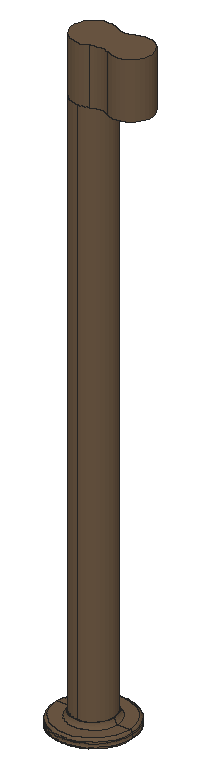
Revit family "LeL Intono B", category Lighting Fixtures, Revit 2021
Family settings
  Round Connector Dimension = Use Diameter
  Part Type = Normal
  OmniClass Number = 23.80.70.00
  OmniClass Title = Lighting
  Work Plane-Based = Yes
  Always vertical = No
  Cut with Voids When Loaded = No
  Light Source = No
  Shared = No
  Room Calculation Point = No
Parameters (values of type "1.2 D 9W")
  Wattage = 9 W  # constant formula
  URL = "https://www.lucelight.it/en/prodotto.php/195635"
  Rated Power supply = 230 V  # constant formula
  Photometry = NB1 Light source : D 9W
  Model = "NB12"
  Manufacturer = "L&L Luce&Light srl"  # constant formula
  Lumen Output = 331 lm
  Lamp = "LED"
  IP = "IP66"  # constant formula
  IK = "IK06"  # constant formula
  Height = 800 mm
  Description = "Outdoor Bollard"  # constant formula
  Default Elevation = 1219.2 mm
  Finish [instance] = LeL Cor-ten
  CRI = "CRI80"  # constant formula
  CCT = 3000 K  # constant formula
  Apparent Load = Wattage  # 9 VA
Types (7, lengths in mm): name | URL | Photometry | Model | Lumen Output | Height
  (no name) | "https://www.lucelight.it/en/prodotto.php/195635" | NB1 Light source : D 9W | "NB12" | 331 lm | 800
  1.0 A 9W | "https://www.lucelight.it/en/prodotto.php/195633" | NB1 Light source : A 9W | "NB10" | 307 lm | 300
  1.1 A 9W | "https://www.lucelight.it/en/prodotto.php/195634" | NB1 Light source : A 9W | "NB11" | 307 lm | 600
  1.2 A 9W | "https://www.lucelight.it/en/prodotto.php/195635" | NB1 Light source : A 9W | "NB12" | 307 lm | 800
  1.0 D 9W | "https://www.lucelight.it/en/prodotto.php/195633" | NB1 Light source : D 9W | "NB10" | 331 lm | 300
  1.1 D 9W | "https://www.lucelight.it/en/prodotto.php/195634" | NB1 Light source : D 9W | "NB11" | 331 lm | 600
  1.2 D 9W | "https://www.lucelight.it/en/prodotto.php/195635" | NB1 Light source : D 9W | "NB12" | 331 lm | 800
Reference planes
  plane 1 "Asse sorgente illuminazione (F/B)": y = 0
  plane 2: z = 0
  plane 3 "Asse sorgente illuminazione (L/R)": x = 0
  plane 4 "Prospetto sorgente di illuminazione": z = 1000
  plane 5: z = 728
  plane 6: z = 733
  plane 7: z = 800
Forms (mm)
  Extrusion 1, solid, material "LeL Cor-ten" <- "Finish", detail levels medium+fine
    sketch origin (0, 0, 0) x (1, 0, 0) y (0, 1, 0)
      loop
        arc (12.848, 22.253) -> (-25.696, 0) -> (12.848, -22.253) r 25.696
        arc (12.848, -22.253) -> (24.309, -19.183) -> (35.769, -22.253) r 22.921
        arc (35.769, -22.253) -> (74.313, 0) -> (35.769, 22.253) r 25.696
        arc (35.769, 22.253) -> (24.309, 19.183) -> (12.848, 22.253) r 22.921
    from 728 to 800
  Extrusion 2, solid, material "LeL Light emitting surface", detail levels medium+fine
    sketch origin (0, 0, 0) x (1, 0, 0) y (0, 1, 0)
      loop
        circle (47.886, 0) r 22
    from 728 to 733
  Revolve 3, solid, material "LeL Cor-ten" <- "Finish", detail levels medium+fine
    sketch origin (0, 0, 0) x (1, 0, 0) y (0, 0, 1)
      loop
        line (-30.933, 10.3) -> (-46.816, 10.3)
        arc (-46.816, 10.3) -> (-48.786, 9.016) -> (-49.996, 7) r 5.237
        line (-49.996, 7) -> (-49.996, 5.101)
        arc (-49.996, 5.101) -> (-49.536, 2.97) -> (-49.994, 0.838) r 5.173
        line (-49.994, 0.838) -> (-49.994, 0) -> (0, 0) -> (0, 17.025) -> (-27.109, 17.025)
        arc (-27.109, 17.025) -> (-28.26, 13.23) -> (-30.933, 10.3) r 8.985
      axis (0, 17.025) -> (0, 0)
    angle from 0 to 360
  Extrusion 4, solid, material "LeL Cor-ten" <- "Finish", detail levels medium+fine
    sketch origin (0, 0, 0) x (1, 0, 0) y (0, 1, 0)
      loop
        circle (0, 0) r 25.696
    from 17.025 to 728
  Extrusion 5, void
    sketch origin (0, 0, 0) x (1, 0, 0) y (0, 1, 0)
      loop
        circle (47.886, 0) r 22
    from 228 to 733
  Extrusion 6, solid, material "LeL Cor-ten" <- "Finish", detail levels coarse
    sketch origin (0, 0, 0) x (1, 0, 0) y (0, 1, 0)
      loop
        circle (0, 0.004) r 49.996
    from 0 to 17.025
  Extrusion 7, solid, material "LeL Cor-ten" <- "Finish", detail levels coarse
    sketch origin (0, 0, 0) x (1, 0, 0) y (0, 1, 0)
      loop
        circle (0, 0.004) r 25.696
    from 17.025 to 728
  Extrusion 8, solid, material "LeL Cor-ten" <- "Finish", detail levels coarse
    sketch origin (0, 0, 0) x (1, 0, 0) y (0, 1, 0)
      loop
        arc (0, 25.696) -> (-25.696, 0) -> (0, -25.696) r 25.696
        line (0, -25.696) -> (48.617, -25.696)
        arc (48.617, -25.696) -> (74.313, 0) -> (48.617, 25.696) r 25.696
        line (48.617, 25.696) -> (0, 25.696)
    from 728 to 800
Cuts and joins
  Extrusion 5 cuts Revolve 3
  Extrusion 5 cuts Extrusion 1
Dimensions and locks
  plane 7 to plane 5 = 72 mm
  plane 6 to plane 5 = 5 mm
  "Height": plane 7 to plane 2
  aligned and locked: level to plane 2
  aligned and locked: Extrusion 8 to plane 5
  aligned and locked: plane 7 to Extrusion 8
  aligned and locked: plane 7 to cut or joined group of Extrusion 1, Extrusion 5
  aligned and locked: plane 6 to cut or joined group of Extrusion 1, Extrusion 5
  aligned and locked: plane 6 to Extrusion 2
  aligned and locked: cut or joined group of Extrusion 1, Extrusion 5 to plane 5
  aligned and locked: Extrusion 2 to plane 5
  aligned and locked: plane 5 to Extrusion 4
  aligned and locked: plane 5 to Extrusion 7
Automatic sketch dimensions
  plane 1 "Asse sorgente illuminazione (F/B)" to Extrusion 1 sketch curve = 0 mm  (x2)
  Extrusion 1 sketch curve to plane 3 "Asse sorgente illuminazione (L/R)" = 0 mm
  plane 3 "Asse sorgente illuminazione (L/R)" to Extrusion 1 sketch curve = 24.309 mm  (x2)
  Extrusion 1 sketch curve to Extrusion 1 sketch curve = 24.309 mm
  plane 1 "Asse sorgente illuminazione (F/B)" to Extrusion 1 sketch curve = 42.104 mm
  Extrusion 1 sketch curve to plane 1 "Asse sorgente illuminazione (F/B)" = 42.104 mm
  plane 3 "Asse sorgente illuminazione (L/R)" to Extrusion 1 sketch curve = 12.848 mm
  Extrusion 1 sketch curve to Extrusion 1 sketch curve = 0 mm  (x3)
  Extrusion 2 sketch curve to Extrusion 2 sketch curve = 0 mm  (x2)
  plane 1 "Asse sorgente illuminazione (F/B)" to Extrusion 2 sketch curve = 0 mm
  plane 3 "Asse sorgente illuminazione (L/R)" to Extrusion 2 sketch curve = 47.886 mm
  Extrusion 2 sketch curve to Extrusion 2 sketch curve = 22 mm
  Revolve 3 sketch curve to level = 0 mm
  Revolve 3 sketch curve to plane 3 "Asse sorgente illuminazione (L/R)" = 0 mm  (x2)
  Revolve 3 sketch curve to plane 3 "Asse sorgente illuminazione (L/R)" = 27.109 mm
  Revolve 3 sketch curve to Revolve 3 sketch curve = 3.824 mm
  Revolve 3 sketch curve to Revolve 3 sketch curve = 5.137 mm
  level to Revolve 3 sketch curve = 5.383 mm
  Revolve 3 sketch curve to Revolve 3 sketch curve = 14.082 mm
  Revolve 3 sketch curve to Revolve 3 sketch curve = 1.8 mm
  Revolve 3 sketch curve to Revolve 3 sketch curve = 4.979 mm
  Revolve 3 sketch curve to Revolve 3 sketch curve = 0.002 mm
  Revolve 3 sketch curve to Revolve 3 sketch curve = 4.714 mm
  level to Revolve 3 sketch curve = 0.838 mm
  level to Revolve 3 sketch curve = 2.968 mm
  Revolve 3 sketch curve to Revolve 3 sketch curve = 1.898 mm
  Revolve 3 sketch curve to Revolve 3 sketch curve = 6.725 mm
  Revolve 3 sketch curve to level = 7.218 mm
  Revolve 3 sketch curve to Revolve 3 sketch curve = 2.002 mm
  Extrusion 4 sketch curve to Extrusion 4 sketch curve = 0 mm  (x2)
  Extrusion 4 sketch curve to plane 3 "Asse sorgente illuminazione (L/R)" = 0 mm
  plane 1 "Asse sorgente illuminazione (F/B)" to Extrusion 4 sketch curve = 0 mm
  plane 1 "Asse sorgente illuminazione (F/B)" to Extrusion 4 sketch curve = 25.696 mm
  Extrusion 5 sketch curve to Extrusion 5 sketch curve = 0 mm  (x2)
  plane 1 "Asse sorgente illuminazione (F/B)" to Extrusion 5 sketch curve = 0 mm
  plane 3 "Asse sorgente illuminazione (L/R)" to Extrusion 5 sketch curve = 47.886 mm
  Extrusion 5 sketch curve to Extrusion 5 sketch curve = 22 mm
  Extrusion 6 sketch curve to plane 3 "Asse sorgente illuminazione (L/R)" = 0 mm
  Extrusion 6 sketch curve to plane 1 "Asse sorgente illuminazione (F/B)" = 0.004 mm
  Extrusion 7 sketch curve to plane 3 "Asse sorgente illuminazione (L/R)" = 0 mm
  Extrusion 7 sketch curve to plane 1 "Asse sorgente illuminazione (F/B)" = 0.004 mm
  plane 1 "Asse sorgente illuminazione (F/B)" to Extrusion 8 sketch curve = 0 mm
  Extrusion 8 sketch curve to plane 3 "Asse sorgente illuminazione (L/R)" = 0 mm
  plane 3 "Asse sorgente illuminazione (L/R)" to Extrusion 8 sketch curve = 48.617 mm
  plane 1 "Asse sorgente illuminazione (F/B)" to Extrusion 8 sketch curve = 25.696 mm
  radius of Extrusion 6 sketch curve = 49.996 mm
  radius of Extrusion 7 sketch curve = 25.696 mm
Nested families
  nested 1: "Symbol bollard" at (0, 0, 0), type "Symbol bollard", detail levels coarse
  nested 2: "NB1 Light source" at (49.359, 2.72, 728) x (-0.9999, -0.013, 0) z (0, 0, 1), type <- "Photometry", type "D 9W", detail levels medium
Connectors
  electrical at (0.181, 0.122, 0), driven by "Rated Power supply", driven by "Apparent Load"
    settings: index 2, voltage 230 V, apparent load 0 VA, apparent load phase1 9 VA, apparent load phase2 0 VA, apparent load phase3 0 VA, power factor 1, load classification "Illuminazione", number of poles 1, system type 31, power factor state 1, is connector primary yes, connector utility no, sub classification motor no, connector description ""
Definition of nested family "Symbol bollard"
  Reference planes
    plane 1: y = 0
    plane 2: x = 0
  Lines and regions (mm)
    detail lines
      curve 1: arc (43.347, 24.921, 0) -> (-50, 0, 0) -> (43.347, -24.921, 0) r 50
      curve 2: arc (12.874, 22.012, 0) -> (-25.5, 0, 0) -> (12.874, -22.012, 0) r 25.5
      curve 3: arc (35.876, -22.012, 0) -> (74.25, 0, 0) -> (35.876, 22.012, 0) r 25.5
      curve 4: arc (12.874, 22.012, 0) -> (24.375, 18.895, 0) -> (35.876, 22.012, 0) r 22.781
      curve 5: arc (12.874, -22.012, 0) -> (24.375, -18.895, 0) -> (35.876, -22.012, 0) r 22.781
Definition of nested family "NB1 Light source"
  Parameters (values of type "A 9W")
    Wattage = 2.06676 W
    Default Elevation = 1219.2 mm
    built-in parameter 1150110 = 1 (stored number, unit not read)
    Photometric Web File = "INTONO B 1 A [3000K 9W 230Vac].IES"
    built-in parameter 1114217 = 1 (stored number, unit not read)
    built-in parameter 1150109 = 1 (stored number, unit not read)
    built-in parameter 1150134 = (empty or 0)
    built-in parameter 1150113 = 1 (stored number, unit not read)
    Lumens = 307 lm
    built-in parameter 1150115 = 1 (stored number, unit not read)
    built-in parameter 1150105 = 175.23 (stored number, unit not read)
    built-in parameter 1150137 = (empty or 0)
    built-in parameter 1150139 = (empty or 0)
    built-in parameter 1150112 = 1 (stored number, unit not read)
    built-in parameter 1150114 = 1 (stored number, unit not read)
    built-in parameter 1150132 = 2
    built-in parameter 1150102 = (empty or 0)
    built-in parameter 1150138 = (empty or 0)
    built-in parameter 1150107 = 3000 (stored number, unit not read)
    built-in parameter 1150106 = 1.7523 (stored number, unit not read)
    built-in parameter 1150104 = 13.8 (stored number, unit not read)
    Dimming Lamp Color Temperature Shift = (empty or 0)
    Color Filter = 16777215
    built-in parameter 1114218 = 1 (stored number, unit not read)
    Tilt Angle = 0.00°
    built-in parameter 1150133 = 10 (stored number, unit not read)
    Apparent Load = 9 VA
  Types (2, lengths in mm): name | Wattage | Photometric Web File | Lumens | built-in parameter 1150105 | built-in parameter 1150106
    D 9W | 2.22833 W | "INTONO B 1 D [3000K 9W 230Vac].IES" | 331 lm | 137.29 (stored number, unit not read) | 1.3729 (stored number, unit not read)
    A 9W | 2.06676 W | "INTONO B 1 A [3000K 9W 230Vac].IES" | 307 lm | 175.23 (stored number, unit not read) | 1.7523 (stored number, unit not read)
  Reference planes
    plane 1 "Asse sorgente illuminazione (F/B)": y = 0
    plane 2: z = 0
    plane 3 "Asse sorgente illuminazione (L/R)": x = 0
    plane 4 "Prospetto sorgente di illuminazione": z = 0
    plane 5: y = 0
    plane 6: x = 0
  Dimensions and locks
    aligned and locked: level to plane 2
